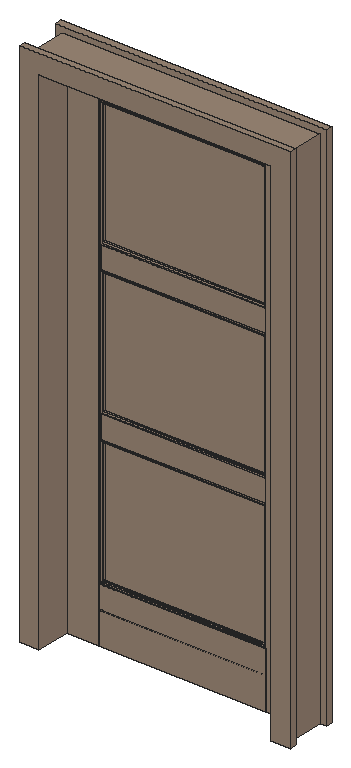
Revit family "Door-Exterior-Simpson-Traditional-Horizontal_Divides", category Doors, host Wall, Revit 2012
Parameters (values of type "SEE CATALOG")
  Wood Species Note = "Available in Any Wood Species"
  Wood Species = "http://simpsondoor.com/e-catalog/#10"
  WaterBarrier with UltraBlock Technology = no
  WaterBarrier Note = "This Door Comes with The Option of WaterBarrier with UltraBlock Technology. It is Turn Off as a Default"
  UltraBlock Option = yes
  UltraBlock Note = "This Door Comes with The Option of UltraBlock Technology. It is Turn On as a Default"
  URL = "http://www.simpsondoor.com/"
  Top Rail Height = 3 15/16"
  Thickness = 1 3/4"  # constant formula
  Rough Width = Width - (Frame Width * 2)  # 30"
  Rough Height = Height - Frame Width  # 77"
  Product Page URL = "http://www.simpsondoor.com/door-products/exterior/traditional-doors/"
  Product Documentation Link = "http://www.simpsondoor.com/technical-information/detail-drawings/6000/S-6170-102-608.5-0700.pdf"
  Panel Thickness = 3/4"
  Panel Stile Width = 5"
  Panel = Wood - Simpson Doors - Douglas Fir
  Number of Horizontal Divides = 2
  Model = "6173"
  Manufacturer = "Simpson Door Company"  # constant formula
  Horizontal Divider Width = 3 1/2"
  Height = 80"
  Function = 1
  Frame Width = 3"
  Frame = Wood - Simpson Doors - Douglas Fir
  Description = "Door"
  Default Sill Height = 0"  # constant formula
  Wall Closure = (empty or 0)
  Width = 36"
  Bottom Rail Height = 8 11/16"
  Assembly Code = "B2030230"
Values of the unnamed type that differ from the named types
  Function = Exterior
  Wall Closure = By host
Reference planes (in)
  plane 1 "Center (Front/Back)": y = 0
  plane 2: z = 0
  plane 3 "Center (Left/Right)": x = 0
  plane 4 "Left": x = -18
  plane 5 "Right": x = 18
  plane 6 "Sill": z = 0
  plane 7 "Top": z = 80
Lines and regions (in)
  Opening 1
    outline origin (-60, -3, 0) x (1, 0, 0) y (0, 0, 1)
      loop
        line (42, 80) -> (42, 0) -> (78, 0) -> (78, 80) -> (42, 80)
Text (in)
  text "EXTERIOR" at (-58.6888, 50.90694, 0), in view "Ref. Level"
  text "INTERIOR" at (-58.6888, -37.76638, 0), in view "Ref. Level"
  text "Exterior" at (0, 43.65631, 123.19604), in view "Left"
  text "Exterior" at (0, 18.29385, 125.04747), in view "Right"
Dimensions and locks (in)
  equal spacing: plane 4 "Left", plane 3 "Center (Left/Right)", plane 5 "Right"
  "Width": plane 4 "Left" to plane 5 "Right"
  "Height": plane 6 "Sill" to plane 7 "Top"
  "Default Sill Height": plane 2 to plane 6 "Sill"
  aligned and locked: plane 7 "Top" to Opening 1 sketch curve
  aligned and locked: plane 6 "Sill" to Opening 1 sketch curve  (x2)
  aligned and locked: plane 5 "Right" to Opening 1 sketch curve
  aligned and locked: plane 4 "Left" to Opening 1 sketch curve
  aligned and locked: level to plane 2
  aligned and locked: plane 3 "Center (Left/Right)" to nested 1
  aligned and locked: nested 2 to plane 4 "Left"
  aligned and locked: nested 3 to plane 3 "Center (Left/Right)"
  aligned and locked: host wall to nested 1
  aligned and locked: nested 4 to nested 1
  aligned and locked: nested 1 to nested 1
  aligned and locked: plane 6 "Sill" to nested 3
Nested families (in)
  nested 1: "Traditional-Door_Edge" at (0, 2.125, 0), type "Panel"
  nested 2: "Single Swing Door" at (0, 0, 0) x (-1, 0, 0) z (0, 0, 1), type "Swing"
    with Side Offset 5"
  nested 3: "Frame" at (0, 0, 0) x (-1, 0, 0) z (0, 0, 1), type "Standard"
    with Rough Height 82", Function 1, Height 80"
  nested 4: "Traditional-Panel_w_Horizontal_Divides" at (0, 2.125, 0), type "Panel"
Definition of nested family "Traditional-Door_Edge"
  Parameters (values of type "Panel")
    Width = 36"
    Top Offset = 3 15/16"
    Thickness = 1 3/4"
    Side Offset = 5"
    Panel Material = Wood - Simpson Doors - Douglas Fir
    Height = 80"
    Bottom Offset = 8 11/16"
  Reference planes (in)
    plane 1 "Center (Front/Back)": y = 0
    plane 2 "Bottom": z = 0
    plane 3 "Center (Left/Right)": x = 0
    plane 4: x = -18
    plane 5: y = 0.875
    plane 6: x = 18
    plane 7: y = -0.875
    plane 8: z = 80
    plane 9: x = 13
    plane 10: x = -13
    plane 11: z = 76.0625
    plane 12: y = -0.375
    plane 13: y = 0.375
    plane 14: z = 8.6875
  Forms (in)
    Extrusion 1, solid, material "Wood - Simpson Doors - Douglas Fir" <- "Panel Material"
      sketch origin (0, 0, 0) x (1, 0, 0) y (0, 0, 1)
        loop
          line (-18, 80) -> (-18, 0) -> (-13, 0) -> (-13, 80) -> (-18, 80)
        loop
          line (18, 80) -> (13, 80) -> (13, 0) -> (18, 0) -> (18, 80)
      from -0.875 to 0.875
    Extrusion 2, solid, material "Wood - Simpson Doors - Douglas Fir" <- "Panel Material"
      sketch origin (0, -0.875, 0) x (1, 0, 0) y (0, 0, 1)
        loop
          line (-13, 80) -> (-13, 76.0625) -> (13, 76.0625) -> (13, 80) -> (-13, 80)
        loop
          line (-13, 8.6875) -> (-13, 0) -> (13, 0) -> (13, 8.6875) -> (-13, 8.6875)
      from -1.75 to 0
  Dimensions and locks (in)
    equal spacing: plane 5, plane 1 "Center (Front/Back)", plane 7
    equal spacing: plane 4, plane 3 "Center (Left/Right)", plane 6
    "Width": plane 4 to plane 6
    "Thickness": plane 5 to plane 7
    "Height": plane 8 to level
    "Side Offset": plane 10 to plane 4
    "Top Offset": plane 8 to plane 11
    equal spacing: plane 13, plane 1 "Center (Front/Back)", plane 12
    plane 13 to plane 12 = 3/4"
    "Bottom Offset": plane 14 to plane 2 "Bottom"
    "Side Offset": plane 6 to plane 9
    aligned and locked: plane 2 "Bottom" to level
    aligned and locked: Extrusion 1 sketch curve to plane 4
    aligned and locked: Extrusion 1 sketch curve to plane 6
    aligned and locked: Extrusion 1 sketch curve to level  (x2)
    aligned and locked: Extrusion 1 sketch curve to plane 8  (x2)
    aligned and locked: plane 5 to Extrusion 1
    aligned and locked: Extrusion 1 to plane 7
    aligned and locked: Extrusion 1 to plane 9
    aligned and locked: Extrusion 2 sketch curve to Extrusion 1  (x2)
    aligned and locked: Extrusion 1 to Extrusion 2 sketch curve  (x2)
    aligned and locked: plane 11 to Extrusion 2 sketch curve
    aligned and locked: Extrusion 2 sketch curve to plane 9
    aligned and locked: Extrusion 2 sketch curve to plane 14
    aligned and locked: plane 10 to Extrusion 2 sketch curve
    aligned and locked: plane 5 to Extrusion 2
    aligned and locked: Extrusion 2 to plane 7
  Automatic sketch dimensions
    Extrusion 1 sketch curve to plane 10 = 0"
    Extrusion 1 sketch curve to plane 9 = 0"
Definition of nested family "Frame"
  Parameters (values of type "Standard")
    Rough Width = Width + 4"  # 40"
    Rough Height = Height + 2"  # 86"
    Function = (empty or 0)
    Frame Projection Ext. = 1"
    Frame Projection Int. = Frame Projection Ext.  # 1"
    Frame Width = 3"
    Height = 84"
    Wall Closure = (empty or 0)
    Width = 36"
    Frame = none
  Reference planes (in)
    plane 1 "Center (Front/Back)": y = 0
    plane 2 "Center (Left/Right)": x = 0
    plane 3 "Left": x = -18
    plane 4 "Right": x = 18
    plane 5 "Top": z = 84
    plane 6 "Exterior": y = 3
    plane 7 "Interior": y = -3
    plane 8: x = -21
    plane 9: x = 21
    plane 10: x = -20
    plane 11: x = 20
    plane 12: z = 86
    plane 13 "Bottom": z = 0
  Forms (in)
    Extrusion 1, solid, material <- "Frame"
      sketch origin (-90, 3, 0) x (-1, 0, 0) y (0, 0, 1)
        loop
          line (-108, 84) -> (-72, 84) -> (-72, 0) -> (-69, 0) -> (-69, 87) -> (-111, 87) -> (-111, 0) -> (-108, 0) -> (-108, 84)
      from 0 to 1
    Extrusion 2, solid, material <- "Frame"
      sketch origin (-90, -3, 0) x (1, 0, 0) y (0, 0, 1)
        loop
          line (72, 0) -> (72, 84) -> (108, 84) -> (108, 0) -> (111, 0) -> (111, 87) -> (69, 87) -> (69, 0) -> (72, 0)
      from 0 to 1
    Sweep 3, solid, material <- "Frame"
      path in 3D
        loop
          line (18, 4, 0) -> (18, 4, 84) -> (-18, 4, 84) -> (-18, 4, 0)
      profile origin (-18, 4, 42) x (1, 0, 0) y (0, 1, 0)
        loop
          line (0, -7) -> (0, -1) -> (-2, -1) -> (-2, -7) -> (0, -7)
  Cuts and joins
    joined: Extrusion 1, Extrusion 2, Sweep 3
  Lines and regions (in)
    Opening 1
      outline origin (-90, -3, 0) x (1, 0, 0) y (0, 0, 1)
        loop
          line (70, 0) -> (110, 0) -> (110, 86) -> (70, 86) -> (70, 0)
    Masking region 1, detail levels medium+fine
      outline origin (0, 0, 0) x (1, 0, 0) y (0, 1, 0)
        loop
          line (-18, 4) -> (-21, 4) -> (-21, 3) -> (-20, 3) -> (-20, -3) -> (-21, -3) -> (-21, -4) -> (-18, -4) -> (-18, 4)
        loop
          line (21, 4) -> (18, 4) -> (18, -4) -> (21, -4) -> (21, -3) -> (20, -3) -> (20, 3) -> (21, 3) -> (21, 4)
    Masking region 2, detail levels coarse
      outline origin (0, 0, 0) x (1, 0, 0) y (0, 1, 0)
        loop
          line (-18, 3) -> (-20, 3) -> (-20, -3) -> (-18, -3) -> (-18, 3)
        loop
          line (20, 3) -> (18, 3) -> (18, -3) -> (20, -3) -> (20, 3)
    sketch lines
      curve 1: line (-18, 4, 84) -> (-18, 4, 0)
      curve 2: line (18, 4, 84) -> (-18, 4, 84)
      curve 3: line (18, 4, 0) -> (18, 4, 84)
  Text (in)
    text "Exterior" at (-74.96733, 27.31104, 0), in view "Ref. Level"
    text "Interior" at (-74.96733, -25.14366, 0), in view "Ref. Level"
    text "Exterior" at (0, 40.15149, 123.01588), in view "Right"
    text "Interior" at (0, -64.39139, 123.01588), in view "Right"
    text "Interior" at (0, -31.01599, 123.00693), in view "Left"
    text "Exterior" at (0, 54.57065, 123.00693), in view "Left"
  Dimensions and locks (in)
    equal spacing: plane 3 "Left", plane 2 "Center (Left/Right)", plane 4 "Right"
    "Height": level to plane 5 "Top"
    "Frame Width": Extrusion 2 sketch curve to plane 3 "Left"
    "Frame Width": Extrusion 2 sketch curve to plane 4 "Right"
    "Frame Width": Extrusion 2 sketch curve to plane 5 "Top"
    "Frame Width": Extrusion 1 sketch curve to Extrusion 1 sketch curve  (x2)
    "Frame Width": Extrusion 1 sketch curve to plane 5 "Top"
    host wall to plane 5 "Top" = 84"
    "Frame Projection Int.": Extrusion 2 to host wall
    "Frame Projection Ext.": Extrusion 1 to host wall
    "Width": plane 3 "Left" to plane 4 "Right"
    "Frame Width": plane 8 to plane 3 "Left"
    "Frame Width": plane 4 "Right" to plane 9
    equal spacing: plane 10, plane 2 "Center (Left/Right)", plane 11
    "Rough Width": plane 10 to plane 11
    "Rough Height": level to plane 12
    aligned and locked: Opening 1 sketch curve to level
    aligned and locked: plane 5 "Top" to Extrusion 1 sketch curve  (x2)
    aligned and locked: plane 3 "Left" to Extrusion 1 sketch curve
    aligned and locked: Extrusion 1 sketch curve to plane 3 "Left"
    aligned and locked: level to Extrusion 1 sketch curve
    aligned and locked: plane 4 "Right" to Extrusion 1 sketch curve
    aligned and locked: Extrusion 1 to host wall
    aligned and locked: plane 3 "Left" to Extrusion 2 sketch curve
    aligned and locked: plane 5 "Top" to Extrusion 2 sketch curve  (x2)
    aligned and locked: plane 4 "Right" to Extrusion 2 sketch curve  (x2)
    aligned and locked: level to Extrusion 2 sketch curve
    aligned and locked: Extrusion 2 sketch curve to level
    aligned and locked: Extrusion 2 to host wall
    aligned and locked: plane 6 "Exterior" to host wall
    aligned and locked: plane 7 "Interior" to host wall
    aligned and locked: Opening 1 sketch curve to plane 11
    aligned and locked: plane 10 to Opening 1 sketch curve
    aligned and locked: Opening 1 sketch curve to plane 12
    aligned and locked: Sweep 3 sketch curve to plane 7 "Interior"
    aligned and locked: plane 13 "Bottom" to level
    aligned and locked: cut or joined group of Extrusion 1, Extrusion 2, Sweep 3 to Masking region 1 sketch curve  (x2)
    aligned and locked: Masking region 1 sketch curve to plane 3 "Left"
    aligned and locked: Masking region 1 sketch curve to plane 8  (x2)
    aligned and locked: Masking region 1 sketch curve to cut or joined group of Extrusion 1, Extrusion 2, Sweep 3  (x2)
    aligned and locked: Masking region 1 sketch curve to plane 7 "Interior"  (x2)
    aligned and locked: Masking region 1 sketch curve to plane 10
    aligned and locked: Masking region 1 sketch curve to plane 6 "Exterior"  (x2)
    aligned and locked: Masking region 1 sketch curve to plane 4 "Right"
    aligned and locked: plane 9 to Masking region 1 sketch curve  (x2)
    aligned and locked: plane 11 to Masking region 1 sketch curve
    aligned and locked: Masking region 2 sketch curve to plane 6 "Exterior"  (x2)
    aligned and locked: Masking region 2 sketch curve to plane 7 "Interior"  (x2)
    aligned and locked: Masking region 2 sketch curve to plane 3 "Left"
    aligned and locked: Masking region 2 sketch curve to plane 10
    aligned and locked: Masking region 2 sketch curve to plane 4 "Right"
    aligned and locked: plane 11 to Masking region 2 sketch curve
  Automatic sketch dimensions
    Extrusion 1 sketch curve to level = 0"
    Extrusion 2 sketch curve to level = 0"
    profile plane to Sweep 3 sketch curve = 1"
    profile plane to Sweep 3 sketch curve = 0"
    Sweep 3 sketch curve to profile plane = 2"
Definition of nested family "Traditional-Panel_w_Horizontal_Divides"
  Parameters (values of type "Panel")
    Width = 36"
    Thickness = 1 3/4"
    Panel Width = Width - (Stile Width * 2)  # 26"
    Insert Thickness = 3/4"
    Number of Horizontal Divides = 2
    Height = 80"
    Divide Width = 3 1/2"
    Divide Thickness = Thickness - (13/128" * 2)  # 1 35/64"
    Top Rail Height = 3 15/16"
    Stile Width = 5"
    Panel Material = Wood - Simpson Doors - Douglas Fir
    Insert Height = Height - Top Rail Height - Bottom Rail Height  # 67 3/8"
    Bottom Rail Height = 8 11/16"
    # of Horizontal Divides = Number of Horizontal Divides + 2  # 4
  Reference planes (in)
    plane 1 "Center (Front/Back)": y = 0
    plane 2 "Bottom": z = 0
    plane 3 "Center (Left/Right)": x = 0
    plane 4: x = -18
    plane 5: y = 0.875
    plane 6: x = 18
    plane 7: y = -0.875
    plane 8: z = 80
    plane 9: x = 13
    plane 10: x = -13
    plane 11: z = 76.0625
    plane 12: y = -0.375
    plane 13: y = 0.375
    plane 14: z = 8.6875
  Forms (in)
    Extrusion 1, solid, material "Wood - Simpson Doors - Douglas Fir" <- "Panel Material"
      sketch origin (0, 0, 0) x (1, 0, 0) y (0, 0, 1)
        loop
          line (-13, 76.0625) -> (-13, 8.6875) -> (13, 8.6875) -> (13, 76.0625) -> (-13, 76.0625)
      from -0.375 to 0.375
    Sweep 2, solid, material "Wood - Simpson Doors - Douglas Fir" <- "Panel Material", detail levels medium+fine
      path origin (-50.72999, 0.375, 48) x (-1, 0, 0) y (0, 0, 1)
        loop
          line (-37.72999, 28.0625) -> (-63.72999, 28.0625) -> (-63.72999, -39.3125) -> (-37.72999, -39.3125) -> (-37.72999, 28.0625)
      profile "Traditional-Edge_Detail : Edge" origin (0, 0.375, 76.0625) x (0, 0, 1) y (0, -1, 0)
        loop
          line (-0.5, 0) -> (-0.49011, -0.11305)
          arc (-0.49011, -0.11305) -> (-0.46951, -0.15878) -> (-0.42492, -0.18175) r 0.07606
          line (-0.42492, -0.18175) -> (-0.37471, -0.1888)
          arc (-0.37471, -0.1888) -> (-0.33618, -0.30741) -> (-0.22747, -0.3685) r 0.17139
          line (-0.22747, -0.3685) -> (0, -0.40047) -> (0, 0) -> (-0.5, 0)
    Sweep 3, solid, material "Wood - Simpson Doors - Douglas Fir" <- "Panel Material", detail levels medium+fine
      path origin (-50.72999, -0.375, 48) x (-1, 0, 0) y (0, 0, 1)
        loop
          line (-37.72999, 28.0625) -> (-63.72999, 28.0625) -> (-63.72999, -39.3125) -> (-37.72999, -39.3125) -> (-37.72999, 28.0625)
      profile "Traditional-Edge_Detail : Edge" origin (0, -0.375, 76.0625) x (0, 0, -1) y (0, 1, 0)
        loop
          line (0.5, 0) -> (0, 0) -> (0, -0.40047) -> (0.22747, -0.3685)
          arc (0.22747, -0.3685) -> (0.33618, -0.30741) -> (0.37471, -0.1888) r 0.17139
          line (0.37471, -0.1888) -> (0.42492, -0.18175)
          arc (0.42492, -0.18175) -> (0.46951, -0.15878) -> (0.49011, -0.11305) r 0.07606
          line (0.49011, -0.11305) -> (0.5, 0)
  Dimensions and locks (in)
    equal spacing: plane 5, plane 1 "Center (Front/Back)", plane 7
    equal spacing: plane 4, plane 3 "Center (Left/Right)", plane 6
    "Width": plane 4 to plane 6
    "Thickness": plane 5 to plane 7
    "Height": plane 8 to level
    "Stile Width": plane 10 to plane 4
    "Top Rail Height": plane 8 to plane 11
    "Panel Width": plane 9 to plane 10
    equal spacing: plane 13, plane 1 "Center (Front/Back)", plane 12
    "Insert Thickness": plane 13 to plane 12
    "Bottom Rail Height": plane 14 to plane 2 "Bottom"
    equal spacing: group 1, group 3, group 4, group 2  (x3)
    aligned and locked: plane 2 "Bottom" to level
    aligned and locked: Extrusion 1 sketch curve to plane 11
    aligned and locked: Extrusion 1 to plane 9
    aligned and locked: Extrusion 1 to plane 12
    aligned and locked: Extrusion 1 to plane 13
    aligned and locked: nested 1 to plane 10
    aligned and locked: plane 1 "Center (Front/Back)" to nested 1
    aligned and locked: Sweep 2 sketch curve to Extrusion 1  (x2)
    aligned and locked: Sweep 2 sketch curve to plane 11
    aligned and locked: plane 14 to nested 1
    aligned and locked: plane 11 to Extrusion 1
    aligned and locked: nested 2 to plane 11
  Automatic sketch dimensions
    Extrusion 1 sketch curve to plane 10 = 0"
    Extrusion 1 sketch curve to plane 9 = 0"
    Extrusion 1 sketch curve to plane 14 = 0"
    Sweep 2 sketch curve to plane 10 = 0"
    Sweep 3 sketch curve to plane 9 = 0"
    Sweep 3 sketch curve to plane 10 = 0"
    Sweep 3 sketch curve to plane 14 = 0"
    Sweep 3 sketch curve to plane 11 = 0"
  Nested families (in)
    nested 1: "Traditional-Panel_Divide" at (0, 0, 6.9375) x (0, 0, 1) z (0, -1, 0), type "Horizontal"
      with Divide Width 3 1/2"
    nested 2: "Traditional-Panel_Divide" at (0, 0, 77.8125) x (0, 0, 1) z (0, -1, 0), type "Horizontal"
      with Divide Width 3 1/2"
    nested 3: "Traditional-Panel_Divide" at (0, 0, 30.5625) x (0, 0, 1) z (0, -1, 0), type "Horizontal"
      with Divide Width 3 1/2"
    nested 4: "Traditional-Panel_Divide" at (0, 0, 54.1875) x (0, 0, 1) z (0, -1, 0), type "Horizontal"
      with Divide Width 3 1/2"
  Definition of nested family "Traditional-Panel_Divide"
    Parameters (values of type "Traditional-Panel_Divide")
      Panel Finish = Wood - Simpson Doors - Douglas Fir
      Panel Thickness = 1 35/64"
      Divide Width = 3 1/2"
      Divide Height = 39 5/16"
      Default Elevation = 48"
    Types (3): name | Divide Width | Divide Height
      Traditional-Panel_Divide | 3 1/2" | 39 5/16"
      Horizontal | 6 1/2" | 26"
      Vertical | 3 1/2" | 67 3/8"
    Reference planes (in)
      plane 1 "Center (Front/Back)": y = 0
      plane 2: z = 0
      plane 3 "Center (Left/Right)": x = 0
      plane 4: y = 19.65625
      plane 5: y = -19.65625
      plane 6: x = -1.75
      plane 7: x = 1.75
      plane 8: z = 0.77344
      plane 9: z = -0.77344
    Forms (in)
      Extrusion 1, solid
        sketch origin (0, 0, 0) x (1, 0, 0) y (0, 1, 0)
          loop
            line (-48, 48) -> (-48, -48) -> (48, -48) -> (48, 48) -> (-48, 48)
        from 0 to -12
      Extrusion 2, solid, material "Wood - Simpson Doors - Douglas Fir" <- "Panel Finish"
        sketch origin (0, 0, 0) x (1, 0, 0) y (0, 1, 0)
          loop
            line (-1.75, 19.65625) -> (-1.75, -19.65625) -> (1.75, -19.65625) -> (1.75, 19.65625) -> (-1.75, 19.65625)
        from -0.77344 to 0.77344
      Sweep 3, solid, material "Wood - Simpson Doors - Douglas Fir" <- "Panel Finish", detail levels medium+fine
        path origin (0, 0, 0.62297) x (1, 0, 0) y (0, 1, 0)
          loop
            line (-1.75, 19.65625) -> (-1.75, -19.65625)
        profile "Craftsman-Edge_Detail : Edge" origin (-1.75, 0, 0.62297) x (1, 0, 0) y (0, 0, 1)
          loop
            line (-0.5, -0.25) -> (0, -0.25) -> (0, 0.15047) -> (-0.22747, 0.1185)
            arc (-0.22747, 0.1185) -> (-0.33618, 0.05741) -> (-0.37471, -0.0612) r 0.17139
            line (-0.37471, -0.0612) -> (-0.42492, -0.06825)
            arc (-0.42492, -0.06825) -> (-0.46951, -0.09122) -> (-0.49011, -0.13695) r 0.07606
            line (-0.49011, -0.13695) -> (-0.5, -0.25)
      Sweep 4, solid, material "Wood - Simpson Doors - Douglas Fir" <- "Panel Finish", detail levels medium+fine
        path origin (0, 0, 0.62297) x (-1, 0, 0) y (0, -1, 0)
          loop
            line (-1.75, -19.65625) -> (-1.75, 19.65625)
        profile "Craftsman-Edge_Detail : Edge" origin (1.75, 0, 0.62297) x (1, 0, 0) y (0, 0, 1)
          loop
            line (0.5, -0.25) -> (0.49011, -0.13695)
            arc (0.49011, -0.13695) -> (0.46951, -0.09122) -> (0.42492, -0.06825) r 0.07606
            line (0.42492, -0.06825) -> (0.37471, -0.0612)
            arc (0.37471, -0.0612) -> (0.33618, 0.05741) -> (0.22747, 0.1185) r 0.17139
            line (0.22747, 0.1185) -> (0, 0.15047) -> (0, -0.25) -> (0.5, -0.25)
      Sweep 5, solid, material "Wood - Simpson Doors - Douglas Fir" <- "Panel Finish", detail levels medium+fine
        path origin (0, 0, -0.62297) x (0, -1, 0) y (1, 0, 0)
          loop
            line (-19.65625, -1.75) -> (19.65625, -1.75)
        profile "Craftsman-Edge_Detail : Edge" origin (-1.75, 0, -0.62297) x (1, 0, 0) y (0, 0, 1)
          loop
            line (-0.5, 0.25) -> (-0.49011, 0.13695)
            arc (-0.49011, 0.13695) -> (-0.46951, 0.09122) -> (-0.42492, 0.06825) r 0.07606
            line (-0.42492, 0.06825) -> (-0.37471, 0.0612)
            arc (-0.37471, 0.0612) -> (-0.33618, -0.05741) -> (-0.22747, -0.1185) r 0.17139
            line (-0.22747, -0.1185) -> (0, -0.15047) -> (0, 0.25) -> (-0.5, 0.25)
      Sweep 6, solid, material "Wood - Simpson Doors - Douglas Fir" <- "Panel Finish", detail levels medium+fine
        path origin (0, 0, -0.62297) x (0, 1, 0) y (-1, 0, 0)
          loop
            line (19.65625, -1.75) -> (-19.65625, -1.75)
        profile "Craftsman-Edge_Detail : Edge" origin (1.75, 0, -0.62297) x (1, 0, 0) y (0, 0, 1)
          loop
            line (0.5, 0.25) -> (0, 0.25) -> (0, -0.15047) -> (0.22747, -0.1185)
            arc (0.22747, -0.1185) -> (0.33618, -0.05741) -> (0.37471, 0.0612) r 0.17139
            line (0.37471, 0.0612) -> (0.42492, 0.06825)
            arc (0.42492, 0.06825) -> (0.46951, 0.09122) -> (0.49011, 0.13695) r 0.07606
            line (0.49011, 0.13695) -> (0.5, 0.25)
    Dimensions and locks (in)
      equal spacing: plane 6, plane 3 "Center (Left/Right)", plane 7
      "Divide Width": plane 6 to plane 7
      "Divide Height": plane 4 to plane 5
      equal spacing: plane 4, plane 1 "Center (Front/Back)", plane 5
      "Panel Thickness": plane 8 to plane 9
      equal spacing: plane 8, level, plane 9
      aligned and locked: plane 2 to Extrusion 1
      aligned and locked: level to Extrusion 1
      aligned and locked: Extrusion 2 sketch curve to plane 4
      aligned and locked: plane 6 to Extrusion 2 sketch curve
      aligned and locked: plane 5 to Extrusion 2 sketch curve
      aligned and locked: Extrusion 2 sketch curve to plane 7
      aligned and locked: plane 8 to Extrusion 2
      aligned and locked: Extrusion 2 to plane 9
      aligned and locked: Sweep 4 sketch curve to plane 7
      aligned and locked: plane 4 to Sweep 4 sketch curve
      aligned and locked: plane 5 to Sweep 4 sketch curve
      aligned and locked: Sweep 5 sketch curve to plane 6
      aligned and locked: plane 4 to Sweep 5 sketch curve
      aligned and locked: plane 5 to Sweep 5 sketch curve
      aligned and locked: Sweep 6 sketch curve to plane 7
      aligned and locked: plane 4 to Sweep 6 sketch curve
      aligned and locked: plane 5 to Sweep 6 sketch curve
    Automatic sketch dimensions
      Extrusion 1 sketch curve to Extrusion 1 sketch curve = 96"  (x2)
      Sweep 3 sketch curve to plane 5 = 0"
      Sweep 3 sketch curve to plane 6 = 0"
      Sweep 3 sketch curve to plane 4 = 0"
Definition of nested family "Single Swing Door"
  Parameters (values of type "Swing")
    Width = 36"
    Thickness = 1 3/4"
    Side Offset = 8"
    Height = 80"
    Frame Projection Ext. = 1"
    Frame Projection Int. = 1"
    Frame Width = 3"
    Wall Closure = (empty or 0)
  Reference planes (in)
    plane 1 "Center (Front/Back)": y = 0
    plane 2 "Center (Left/Right)": x = 0
    plane 3 "Left": x = -18
    plane 4 "Right": x = 18
    plane 5 "Top": z = 80
    plane 6 "Exterior": y = 3
    plane 7 "Interior": y = -3
    plane 8 "Outside Interior": y = -4
  Lines and regions (in)
    symbolic lines, style "DoorsPanelProjection"
      curve 1: line (18, -3, 0) -> (18, -39, 0)
      curve 2: line (18, -39, 0) -> (16.25, -39, 0)
      curve 3: line (16.25, -39, 0) -> (16.25, -3, 0)
    symbolic lines
      curve 4: line (16.25, -3, 0) -> (18, -3, 0)
    symbolic lines, style "Plan Swing"
      curve 5: arc (18, -39, 0) -> (-7.45584, -28.45584, 0) -> (-18, -3, 0) r 36
    symbolic lines, style "Elevation Swing"
      curve 6: line (18, 3, 40) -> (-18, 3, 80)
      curve 7: line (-18, 3, 0) -> (18, 3, 40)
      curve 8: line (18, -4, 40) -> (-18, -4, 80)
      curve 9: line (-18, -4, 0) -> (18, -4, 40)
    symbolic lines, style "DoorsGlassProjection", detail levels medium+fine
      curve 10: line (16.25, -31, 0) -> (18, -31, 0)
      curve 11: line (16.25, -11, 0) -> (18, -11, 0)
      curve 12: line (17.125, -11, 0) -> (17.125, -31, 0)
  Text (in)
    text "Exterior" at (-74.96733, 27.31104, 0), in view "Ref. Level"
    text "Interior" at (-74.96733, -25.14366, 0), in view "Ref. Level"
    text "Exterior" at (0, 40.15149, 123.01588), in view "Right"
    text "Interior" at (0, -64.39139, 123.01588), in view "Right"
    text "Interior" at (0, -31.01599, 123.00693), in view "Left"
    text "Exterior" at (0, 54.57065, 123.00693), in view "Left"
  Dimensions and locks (in)
    equal spacing: plane 3 "Left", plane 2 "Center (Left/Right)", plane 4 "Right"
    "Height": level to plane 5 "Top"
    "Width": plane 3 "Left" to plane 4 "Right"
    equal spacing: host wall, curve 7, plane 5 "Top"
    "Width": curve 2 to plane 7 "Interior"
    "Thickness": curve 3 to curve 1
    equal spacing: plane 5 "Top", curve 9, level
    locked: plane 8 "Outside Interior" to plane 7 "Interior" at 1
    "Side Offset": curve 10 to curve 2
    "Side Offset": curve 11 to host wall
    aligned and locked: plane 6 "Exterior" to host wall
    aligned and locked: plane 7 "Interior" to host wall
    aligned and locked: plane 7 "Interior" to curve 4
    aligned and locked: plane 7 "Interior" to curve 5
    aligned and locked: plane 4 "Right" to curve 5
    aligned and locked: plane 4 "Right" to curve 6
    aligned and locked: plane 3 "Left" to curve 6
    aligned and locked: plane 5 "Top" to curve 6
    aligned and locked: level to curve 7
    aligned and locked: plane 3 "Left" to curve 7
    aligned and locked: curve 11 to curve 12
    aligned and locked: curve 10 to curve 12
    aligned and locked: curve 3 to curve 11
    aligned and locked: curve 1 to curve 11
  Automatic sketch dimensions
    curve 9 to level = 0"
    plane 3 "Left" to curve 8 = 0"
    curve 8 to plane 5 "Top" = 0"
    plane 4 "Right" to curve 9 = 0"
    plane 3 "Left" to curve 9 = 0"
    curve 10 to curve 12 = 7/8"
Types in the file's own list only (216): name | Top Rail Height | Rough Width | Rough Height | Product Documentation Link | Panel Thickness | Panel Stile Width | Number of Horizontal Divides | Model | Height | Function | Description | Wall Closure | Width | Bottom Rail Height
  30 Traditional 12x80 | 4 1/16" | 6" | 77" | "http://www.simpsondoor.com/door-products/search/detail/?BaseSpecificationID=2333" | 5/8" | 4 1/8" | 2 | "30" | 80" | Exterior | "Traditional - Three Panel" | By host | 12" | 8 13/16"
  30 Traditional 12x84 | 6 1/16" | 6" | 81" | "http://www.simpsondoor.com/door-products/search/detail/?BaseSpecificationID=2333" | 5/8" | 4 1/8" | 2 | "30" | 84" | Exterior | "Traditional - Three Panel" | By host | 12" | 10 13/16"
  30 Traditional 12x96 | 4 1/16" | 6" | 93" | "http://www.simpsondoor.com/door-products/search/detail/?BaseSpecificationID=2333" | 5/8" | 4 1/8" | 2 | "30" | 96" | Exterior | "Traditional - Three Panel" | By host | 12" | 8 13/16"
  30 Traditional 22x80 | 4 1/16" | 16" | 77" | "http://www.simpsondoor.com/door-products/search/detail/?BaseSpecificationID=2333" | 5/8" | 4 1/8" | 2 | "30" | 80" | Exterior | "Traditional - Three Panel" | By host | 22" | 8 13/16"
  30 Traditional 22x84 | 6 1/16" | 16" | 81" | "http://www.simpsondoor.com/door-products/search/detail/?BaseSpecificationID=2333" | 5/8" | 4 1/8" | 2 | "30" | 84" | Exterior | "Traditional - Three Panel" | By host | 22" | 10 13/16"
  30 Traditional 22x96 | 4 1/16" | 16" | 93" | "http://www.simpsondoor.com/door-products/search/detail/?BaseSpecificationID=2333" | 5/8" | 4 1/8" | 2 | "30" | 96" | Exterior | "Traditional - Three Panel" | By host | 22" | 8 13/16"
  30 Traditional 24x80 | 4 1/16" | 18" | 77" | "http://www.simpsondoor.com/door-products/search/detail/?BaseSpecificationID=2333" | 5/8" | 4 1/8" | 2 | "30" | 80" | Exterior | "Traditional - Three Panel" | By host | 24" | 8 13/16"
  30 Traditional 24x84 | 6 1/16" | 18" | 81" | "http://www.simpsondoor.com/door-products/search/detail/?BaseSpecificationID=2333" | 5/8" | 4 1/8" | 2 | "30" | 84" | Exterior | "Traditional - Three Panel" | By host | 24" | 10 13/16"
  30 Traditional 24x96 | 4 1/16" | 18" | 93" | "http://www.simpsondoor.com/door-products/search/detail/?BaseSpecificationID=2333" | 5/8" | 4 1/8" | 2 | "30" | 96" | Exterior | "Traditional - Three Panel" | By host | 24" | 8 13/16"
  30 Traditional 26x80 | 4 1/16" | 20" | 77" | "http://www.simpsondoor.com/door-products/search/detail/?BaseSpecificationID=2333" | 5/8" | 4 1/8" | 2 | "30" | 80" | Exterior | "Traditional - Three Panel" | By host | 26" | 8 13/16"
  30 Traditional 26x84 | 6 1/16" | 20" | 81" | "http://www.simpsondoor.com/door-products/search/detail/?BaseSpecificationID=2333" | 5/8" | 4 1/8" | 2 | "30" | 84" | Exterior | "Traditional - Three Panel" | By host | 26" | 10 13/16"
  30 Traditional 26x96 | 4 1/16" | 20" | 93" | "http://www.simpsondoor.com/door-products/search/detail/?BaseSpecificationID=2333" | 5/8" | 4 1/8" | 2 | "30" | 96" | Exterior | "Traditional - Three Panel" | By host | 26" | 8 13/16"
  30 Traditional 28x80 | 4 1/16" | 22" | 77" | "http://www.simpsondoor.com/door-products/search/detail/?BaseSpecificationID=2333" | 5/8" | 4 1/8" | 2 | "30" | 80" | Exterior | "Traditional - Three Panel" | By host | 28" | 8 13/16"
  30 Traditional 28x84 | 6 1/16" | 22" | 81" | "http://www.simpsondoor.com/door-products/search/detail/?BaseSpecificationID=2333" | 5/8" | 4 1/8" | 2 | "30" | 84" | Exterior | "Traditional - Three Panel" | By host | 28" | 10 13/16"
  30 Traditional 28x96 | 4 1/16" | 22" | 93" | "http://www.simpsondoor.com/door-products/search/detail/?BaseSpecificationID=2333" | 5/8" | 4 1/8" | 2 | "30" | 96" | Exterior | "Traditional - Three Panel" | By host | 28" | 8 13/16"
  30 Traditional 30x80 | 4 1/16" | 24" | 77" | "http://www.simpsondoor.com/door-products/search/detail/?BaseSpecificationID=2333" | 5/8" | 4 1/8" | 2 | "30" | 80" | Exterior | "Traditional - Three Panel" | By host | 30" | 8 13/16"
  30 Traditional 30x84 | 6 1/16" | 24" | 81" | "http://www.simpsondoor.com/door-products/search/detail/?BaseSpecificationID=2333" | 5/8" | 4 1/8" | 2 | "30" | 84" | Exterior | "Traditional - Three Panel" | By host | 30" | 10 13/16"
  30 Traditional 30x96 | 4 1/16" | 24" | 93" | "http://www.simpsondoor.com/door-products/search/detail/?BaseSpecificationID=2333" | 5/8" | 4 1/8" | 2 | "30" | 96" | Exterior | "Traditional - Three Panel" | By host | 30" | 8 13/16"
  30 Traditional 32x80 | 4 1/16" | 26" | 77" | "http://www.simpsondoor.com/door-products/search/detail/?BaseSpecificationID=2333" | 5/8" | 4 1/8" | 2 | "30" | 80" | Exterior | "Traditional - Three Panel" | By host | 32" | 8 13/16"
  30 Traditional 32x84 | 6 1/16" | 26" | 81" | "http://www.simpsondoor.com/door-products/search/detail/?BaseSpecificationID=2333" | 5/8" | 4 1/8" | 2 | "30" | 84" | Exterior | "Traditional - Three Panel" | By host | 32" | 10 13/16"
  30 Traditional 32x96 | 4 1/16" | 26" | 93" | "http://www.simpsondoor.com/door-products/search/detail/?BaseSpecificationID=2333" | 5/8" | 4 1/8" | 2 | "30" | 96" | Exterior | "Traditional - Three Panel" | By host | 32" | 8 13/16"
  30 Traditional 34x80 | 4 1/16" | 28" | 77" | "http://www.simpsondoor.com/door-products/search/detail/?BaseSpecificationID=2333" | 5/8" | 4 1/8" | 2 | "30" | 80" | Exterior | "Traditional - Three Panel" | By host | 34" | 8 13/16"
  30 Traditional 34x84 | 6 1/16" | 28" | 81" | "http://www.simpsondoor.com/door-products/search/detail/?BaseSpecificationID=2333" | 5/8" | 4 1/8" | 2 | "30" | 84" | Exterior | "Traditional - Three Panel" | By host | 34" | 10 13/16"
  30 Traditional 34x96 | 4 1/16" | 28" | 93" | "http://www.simpsondoor.com/door-products/search/detail/?BaseSpecificationID=2333" | 5/8" | 4 1/8" | 2 | "30" | 96" | Exterior | "Traditional - Three Panel" | By host | 34" | 8 13/16"
  30 Traditional 36x80 | 4 1/16" | 30" | 77" | "http://www.simpsondoor.com/door-products/search/detail/?BaseSpecificationID=2333" | 5/8" | 4 1/8" | 2 | "30" | 80" | Exterior | "Traditional - Three Panel" | By host | 36" | 8 13/16"
  30 Traditional 36x84 | 6 1/16" | 30" | 81" | "http://www.simpsondoor.com/door-products/search/detail/?BaseSpecificationID=2333" | 5/8" | 4 1/8" | 2 | "30" | 84" | Exterior | "Traditional - Three Panel" | By host | 36" | 10 13/16"
  30 Traditional 36x96 | 4 1/16" | 30" | 93" | "http://www.simpsondoor.com/door-products/search/detail/?BaseSpecificationID=2333" | 5/8" | 4 1/8" | 2 | "30" | 96" | Exterior | "Traditional - Three Panel" | By host | 36" | 8 13/16"
  30 Traditional 38x80 | 4 1/16" | 32" | 77" | "http://www.simpsondoor.com/door-products/search/detail/?BaseSpecificationID=2333" | 5/8" | 4 1/8" | 2 | "30" | 80" | Exterior | "Traditional - Three Panel" | By host | 38" | 8 13/16"
  30 Traditional 38x84 | 6 1/16" | 32" | 81" | "http://www.simpsondoor.com/door-products/search/detail/?BaseSpecificationID=2333" | 5/8" | 4 1/8" | 2 | "30" | 84" | Exterior | "Traditional - Three Panel" | By host | 38" | 10 13/16"
  30 Traditional 38x96 | 4 1/16" | 32" | 93" | "http://www.simpsondoor.com/door-products/search/detail/?BaseSpecificationID=2333" | 5/8" | 4 1/8" | 2 | "30" | 96" | Exterior | "Traditional - Three Panel" | By host | 38" | 8 13/16"
  30 Traditional 40x80 | 4 1/16" | 34" | 77" | "http://www.simpsondoor.com/door-products/search/detail/?BaseSpecificationID=2333" | 5/8" | 4 1/8" | 2 | "30" | 80" | Exterior | "Traditional - Three Panel" | By host | 40" | 8 13/16"
  30 Traditional 40x84 | 6 1/16" | 34" | 81" | "http://www.simpsondoor.com/door-products/search/detail/?BaseSpecificationID=2333" | 5/8" | 4 1/8" | 2 | "30" | 84" | Exterior | "Traditional - Three Panel" | By host | 40" | 10 13/16"
  30 Traditional 40x96 | 4 1/16" | 34" | 93" | "http://www.simpsondoor.com/door-products/search/detail/?BaseSpecificationID=2333" | 5/8" | 4 1/8" | 2 | "30" | 96" | Exterior | "Traditional - Three Panel" | By host | 40" | 8 13/16"
  30 Traditional 42x80 | 4 1/16" | 36" | 77" | "http://www.simpsondoor.com/door-products/search/detail/?BaseSpecificationID=2333" | 5/8" | 4 1/8" | 2 | "30" | 80" | Exterior | "Traditional - Three Panel" | By host | 42" | 8 13/16"
  30 Traditional 42x84 | 6 1/16" | 36" | 81" | "http://www.simpsondoor.com/door-products/search/detail/?BaseSpecificationID=2333" | 5/8" | 4 1/8" | 2 | "30" | 84" | Exterior | "Traditional - Three Panel" | By host | 42" | 10 13/16"
  30 Traditional 42x96 | 4 1/16" | 36" | 93" | "http://www.simpsondoor.com/door-products/search/detail/?BaseSpecificationID=2333" | 5/8" | 4 1/8" | 2 | "30" | 96" | Exterior | "Traditional - Three Panel" | By host | 42" | 8 13/16"
  55 Traditional 12x80 | 4 1/16" | 6" | 77" | "http://www.simpsondoor.com/door-products/search/detail/?BaseSpecificationID=648" | 5/8" | 4 1/8" | 4 | "55" | 80" | Exterior | "Traditional - Five Panel" | By host | 12" | 8 13/16"
  55 Traditional 12x84 | 6 1/16" | 6" | 81" | "http://www.simpsondoor.com/door-products/search/detail/?BaseSpecificationID=648" | 5/8" | 4 1/8" | 4 | "55" | 84" | Exterior | "Traditional - Five Panel" | By host | 12" | 10 13/16"
  55 Traditional 12x96 | 4 1/16" | 6" | 93" | "http://www.simpsondoor.com/door-products/search/detail/?BaseSpecificationID=648" | 5/8" | 4 1/8" | 4 | "55" | 96" | Exterior | "Traditional - Five Panel" | By host | 12" | 8 13/16"
  55 Traditional 22x80 | 4 1/16" | 16" | 77" | "http://www.simpsondoor.com/door-products/search/detail/?BaseSpecificationID=648" | 5/8" | 4 1/8" | 4 | "55" | 80" | Exterior | "Traditional - Five Panel" | By host | 22" | 8 13/16"
  55 Traditional 22x84 | 6 1/16" | 16" | 81" | "http://www.simpsondoor.com/door-products/search/detail/?BaseSpecificationID=648" | 5/8" | 4 1/8" | 4 | "55" | 84" | Exterior | "Traditional - Five Panel" | By host | 22" | 10 13/16"
  55 Traditional 22x96 | 4 1/16" | 16" | 93" | "http://www.simpsondoor.com/door-products/search/detail/?BaseSpecificationID=648" | 5/8" | 4 1/8" | 4 | "55" | 96" | Exterior | "Traditional - Five Panel" | By host | 22" | 8 13/16"
  55 Traditional 24x80 | 4 1/16" | 18" | 77" | "http://www.simpsondoor.com/door-products/search/detail/?BaseSpecificationID=648" | 5/8" | 4 1/8" | 4 | "55" | 80" | Exterior | "Traditional - Five Panel" | By host | 24" | 8 13/16"
  55 Traditional 24x84 | 6 1/16" | 18" | 81" | "http://www.simpsondoor.com/door-products/search/detail/?BaseSpecificationID=648" | 5/8" | 4 1/8" | 4 | "55" | 84" | Exterior | "Traditional - Five Panel" | By host | 24" | 10 13/16"
  55 Traditional 24x96 | 4 1/16" | 18" | 93" | "http://www.simpsondoor.com/door-products/search/detail/?BaseSpecificationID=648" | 5/8" | 4 1/8" | 4 | "55" | 96" | Exterior | "Traditional - Five Panel" | By host | 24" | 8 13/16"
  55 Traditional 26x80 | 4 1/16" | 20" | 77" | "http://www.simpsondoor.com/door-products/search/detail/?BaseSpecificationID=648" | 5/8" | 4 1/8" | 4 | "55" | 80" | Exterior | "Traditional - Five Panel" | By host | 26" | 8 13/16"
  55 Traditional 26x84 | 6 1/16" | 20" | 81" | "http://www.simpsondoor.com/door-products/search/detail/?BaseSpecificationID=648" | 5/8" | 4 1/8" | 4 | "55" | 84" | Exterior | "Traditional - Five Panel" | By host | 26" | 10 13/16"
  55 Traditional 26x96 | 4 1/16" | 20" | 93" | "http://www.simpsondoor.com/door-products/search/detail/?BaseSpecificationID=648" | 5/8" | 4 1/8" | 4 | "55" | 96" | Exterior | "Traditional - Five Panel" | By host | 26" | 8 13/16"
  55 Traditional 28x80 | 4 1/16" | 22" | 77" | "http://www.simpsondoor.com/door-products/search/detail/?BaseSpecificationID=648" | 5/8" | 4 1/8" | 4 | "55" | 80" | Exterior | "Traditional - Five Panel" | By host | 28" | 8 13/16"
  55 Traditional 28x84 | 6 1/16" | 22" | 81" | "http://www.simpsondoor.com/door-products/search/detail/?BaseSpecificationID=648" | 5/8" | 4 1/8" | 4 | "55" | 84" | Exterior | "Traditional - Five Panel" | By host | 28" | 10 13/16"
  55 Traditional 28x96 | 4 1/16" | 22" | 93" | "http://www.simpsondoor.com/door-products/search/detail/?BaseSpecificationID=648" | 5/8" | 4 1/8" | 4 | "55" | 96" | Exterior | "Traditional - Five Panel" | By host | 28" | 8 13/16"
  55 Traditional 30x80 | 4 1/16" | 24" | 77" | "http://www.simpsondoor.com/door-products/search/detail/?BaseSpecificationID=648" | 5/8" | 4 1/8" | 4 | "55" | 80" | Exterior | "Traditional - Five Panel" | By host | 30" | 8 13/16"
  55 Traditional 30x84 | 6 1/16" | 24" | 81" | "http://www.simpsondoor.com/door-products/search/detail/?BaseSpecificationID=648" | 5/8" | 4 1/8" | 4 | "55" | 84" | Exterior | "Traditional - Five Panel" | By host | 30" | 10 13/16"
  55 Traditional 30x96 | 4 1/16" | 24" | 93" | "http://www.simpsondoor.com/door-products/search/detail/?BaseSpecificationID=648" | 5/8" | 4 1/8" | 4 | "55" | 96" | Exterior | "Traditional - Five Panel" | By host | 30" | 8 13/16"
  55 Traditional 32x80 | 4 1/16" | 26" | 77" | "http://www.simpsondoor.com/door-products/search/detail/?BaseSpecificationID=648" | 5/8" | 4 1/8" | 4 | "55" | 80" | Exterior | "Traditional - Five Panel" | By host | 32" | 8 13/16"
  55 Traditional 32x84 | 6 1/16" | 26" | 81" | "http://www.simpsondoor.com/door-products/search/detail/?BaseSpecificationID=648" | 5/8" | 4 1/8" | 4 | "55" | 84" | Exterior | "Traditional - Five Panel" | By host | 32" | 10 13/16"
  55 Traditional 32x96 | 4 1/16" | 26" | 93" | "http://www.simpsondoor.com/door-products/search/detail/?BaseSpecificationID=648" | 5/8" | 4 1/8" | 4 | "55" | 96" | Exterior | "Traditional - Five Panel" | By host | 32" | 8 13/16"
  55 Traditional 34x80 | 4 1/16" | 28" | 77" | "http://www.simpsondoor.com/door-products/search/detail/?BaseSpecificationID=648" | 5/8" | 4 1/8" | 4 | "55" | 80" | Exterior | "Traditional - Five Panel" | By host | 34" | 8 13/16"
  55 Traditional 34x84 | 6 1/16" | 28" | 81" | "http://www.simpsondoor.com/door-products/search/detail/?BaseSpecificationID=648" | 5/8" | 4 1/8" | 4 | "55" | 84" | Exterior | "Traditional - Five Panel" | By host | 34" | 10 13/16"
  55 Traditional 34x96 | 4 1/16" | 28" | 93" | "http://www.simpsondoor.com/door-products/search/detail/?BaseSpecificationID=648" | 5/8" | 4 1/8" | 4 | "55" | 96" | Exterior | "Traditional - Five Panel" | By host | 34" | 8 13/16"
  55 Traditional 36x80 | 4 1/16" | 30" | 77" | "http://www.simpsondoor.com/door-products/search/detail/?BaseSpecificationID=648" | 5/8" | 4 1/8" | 4 | "55" | 80" | Exterior | "Traditional - Five Panel" | By host | 36" | 8 13/16"
  55 Traditional 36x84 | 6 1/16" | 30" | 81" | "http://www.simpsondoor.com/door-products/search/detail/?BaseSpecificationID=648" | 5/8" | 4 1/8" | 4 | "55" | 84" | Exterior | "Traditional - Five Panel" | By host | 36" | 10 13/16"
  55 Traditional 36x96 | 4 1/16" | 30" | 93" | "http://www.simpsondoor.com/door-products/search/detail/?BaseSpecificationID=648" | 5/8" | 4 1/8" | 4 | "55" | 96" | Exterior | "Traditional - Five Panel" | By host | 36" | 8 13/16"
  55 Traditional 38x80 | 4 1/16" | 32" | 77" | "http://www.simpsondoor.com/door-products/search/detail/?BaseSpecificationID=648" | 5/8" | 4 1/8" | 4 | "55" | 80" | Exterior | "Traditional - Five Panel" | By host | 38" | 8 13/16"
  55 Traditional 38x84 | 6 1/16" | 32" | 81" | "http://www.simpsondoor.com/door-products/search/detail/?BaseSpecificationID=648" | 5/8" | 4 1/8" | 4 | "55" | 84" | Exterior | "Traditional - Five Panel" | By host | 38" | 10 13/16"
  55 Traditional 38x96 | 4 1/16" | 32" | 93" | "http://www.simpsondoor.com/door-products/search/detail/?BaseSpecificationID=648" | 5/8" | 4 1/8" | 4 | "55" | 96" | Exterior | "Traditional - Five Panel" | By host | 38" | 8 13/16"
  55 Traditional 40x80 | 4 1/16" | 34" | 77" | "http://www.simpsondoor.com/door-products/search/detail/?BaseSpecificationID=648" | 5/8" | 4 1/8" | 4 | "55" | 80" | Exterior | "Traditional - Five Panel" | By host | 40" | 8 13/16"
  55 Traditional 40x84 | 6 1/16" | 34" | 81" | "http://www.simpsondoor.com/door-products/search/detail/?BaseSpecificationID=648" | 5/8" | 4 1/8" | 4 | "55" | 84" | Exterior | "Traditional - Five Panel" | By host | 40" | 10 13/16"
  55 Traditional 40x96 | 4 1/16" | 34" | 93" | "http://www.simpsondoor.com/door-products/search/detail/?BaseSpecificationID=648" | 5/8" | 4 1/8" | 4 | "55" | 96" | Exterior | "Traditional - Five Panel" | By host | 40" | 8 13/16"
  55 Traditional 42x80 | 4 1/16" | 36" | 77" | "http://www.simpsondoor.com/door-products/search/detail/?BaseSpecificationID=648" | 5/8" | 4 1/8" | 4 | "55" | 80" | Exterior | "Traditional - Five Panel" | By host | 42" | 8 13/16"
  55 Traditional 42x84 | 6 1/16" | 36" | 81" | "http://www.simpsondoor.com/door-products/search/detail/?BaseSpecificationID=648" | 5/8" | 4 1/8" | 4 | "55" | 84" | Exterior | "Traditional - Five Panel" | By host | 42" | 10 13/16"
  55 Traditional 42x96 | 4 1/16" | 36" | 93" | "http://www.simpsondoor.com/door-products/search/detail/?BaseSpecificationID=648" | 5/8" | 4 1/8" | 4 | "55" | 96" | Exterior | "Traditional - Five Panel" | By host | 42" | 8 13/16"
  84 Traditional 12x80 | 4 1/16" | 6" | 77" | "http://www.simpsondoor.com/door-products/search/detail/?BaseSpecificationID=2335" | 5/8" | 4 1/8" | 3 | "84" | 80" | Exterior | "Traditional - Four Panel" | By host | 12" | 8 13/16"
  84 Traditional 12x84 | 6 1/16" | 6" | 81" | "http://www.simpsondoor.com/door-products/search/detail/?BaseSpecificationID=2335" | 5/8" | 4 1/8" | 3 | "84" | 84" | Exterior | "Traditional - Four Panel" | By host | 12" | 10 13/16"
  84 Traditional 12x96 | 4 1/16" | 6" | 93" | "http://www.simpsondoor.com/door-products/search/detail/?BaseSpecificationID=2335" | 5/8" | 4 1/8" | 3 | "84" | 96" | Exterior | "Traditional - Four Panel" | By host | 12" | 8 13/16"
  84 Traditional 22x80 | 4 1/16" | 16" | 77" | "http://www.simpsondoor.com/door-products/search/detail/?BaseSpecificationID=2335" | 5/8" | 4 1/8" | 3 | "84" | 80" | Exterior | "Traditional - Four Panel" | By host | 22" | 8 13/16"
  84 Traditional 22x84 | 6 1/16" | 16" | 81" | "http://www.simpsondoor.com/door-products/search/detail/?BaseSpecificationID=2335" | 5/8" | 4 1/8" | 3 | "84" | 84" | Exterior | "Traditional - Four Panel" | By host | 22" | 10 13/16"
  84 Traditional 22x96 | 4 1/16" | 16" | 93" | "http://www.simpsondoor.com/door-products/search/detail/?BaseSpecificationID=2335" | 5/8" | 4 1/8" | 3 | "84" | 96" | Exterior | "Traditional - Four Panel" | By host | 22" | 8 13/16"
  84 Traditional 24x80 | 4 1/16" | 18" | 77" | "http://www.simpsondoor.com/door-products/search/detail/?BaseSpecificationID=2335" | 5/8" | 4 1/8" | 3 | "84" | 80" | Exterior | "Traditional - Four Panel" | By host | 24" | 8 13/16"
  84 Traditional 24x84 | 6 1/16" | 18" | 81" | "http://www.simpsondoor.com/door-products/search/detail/?BaseSpecificationID=2335" | 5/8" | 4 1/8" | 3 | "84" | 84" | Exterior | "Traditional - Four Panel" | By host | 24" | 10 13/16"
  84 Traditional 24x96 | 4 1/16" | 18" | 93" | "http://www.simpsondoor.com/door-products/search/detail/?BaseSpecificationID=2335" | 5/8" | 4 1/8" | 3 | "84" | 96" | Exterior | "Traditional - Four Panel" | By host | 24" | 8 13/16"
  84 Traditional 26x80 | 4 1/16" | 20" | 77" | "http://www.simpsondoor.com/door-products/search/detail/?BaseSpecificationID=2335" | 5/8" | 4 1/8" | 3 | "84" | 80" | Exterior | "Traditional - Four Panel" | By host | 26" | 8 13/16"
  84 Traditional 26x84 | 6 1/16" | 20" | 81" | "http://www.simpsondoor.com/door-products/search/detail/?BaseSpecificationID=2335" | 5/8" | 4 1/8" | 3 | "84" | 84" | Exterior | "Traditional - Four Panel" | By host | 26" | 10 13/16"
  84 Traditional 26x96 | 4 1/16" | 20" | 93" | "http://www.simpsondoor.com/door-products/search/detail/?BaseSpecificationID=2335" | 5/8" | 4 1/8" | 3 | "84" | 96" | Exterior | "Traditional - Four Panel" | By host | 26" | 8 13/16"
  84 Traditional 28x80 | 4 1/16" | 22" | 77" | "http://www.simpsondoor.com/door-products/search/detail/?BaseSpecificationID=2335" | 5/8" | 4 1/8" | 3 | "84" | 80" | Exterior | "Traditional - Four Panel" | By host | 28" | 8 13/16"
  84 Traditional 28x84 | 6 1/16" | 22" | 81" | "http://www.simpsondoor.com/door-products/search/detail/?BaseSpecificationID=2335" | 5/8" | 4 1/8" | 3 | "84" | 84" | Exterior | "Traditional - Four Panel" | By host | 28" | 10 13/16"
  84 Traditional 28x96 | 4 1/16" | 22" | 93" | "http://www.simpsondoor.com/door-products/search/detail/?BaseSpecificationID=2335" | 5/8" | 4 1/8" | 3 | "84" | 96" | Exterior | "Traditional - Four Panel" | By host | 28" | 8 13/16"
  84 Traditional 30x80 | 4 1/16" | 24" | 77" | "http://www.simpsondoor.com/door-products/search/detail/?BaseSpecificationID=2335" | 5/8" | 4 1/8" | 3 | "84" | 80" | Exterior | "Traditional - Four Panel" | By host | 30" | 8 13/16"
  84 Traditional 30x84 | 6 1/16" | 24" | 81" | "http://www.simpsondoor.com/door-products/search/detail/?BaseSpecificationID=2335" | 5/8" | 4 1/8" | 3 | "84" | 84" | Exterior | "Traditional - Four Panel" | By host | 30" | 10 13/16"
  84 Traditional 30x96 | 4 1/16" | 24" | 93" | "http://www.simpsondoor.com/door-products/search/detail/?BaseSpecificationID=2335" | 5/8" | 4 1/8" | 3 | "84" | 96" | Exterior | "Traditional - Four Panel" | By host | 30" | 8 13/16"
  84 Traditional 32x80 | 4 1/16" | 26" | 77" | "http://www.simpsondoor.com/door-products/search/detail/?BaseSpecificationID=2335" | 5/8" | 4 1/8" | 3 | "84" | 80" | Exterior | "Traditional - Four Panel" | By host | 32" | 8 13/16"
  84 Traditional 32x84 | 6 1/16" | 26" | 81" | "http://www.simpsondoor.com/door-products/search/detail/?BaseSpecificationID=2335" | 5/8" | 4 1/8" | 3 | "84" | 84" | Exterior | "Traditional - Four Panel" | By host | 32" | 10 13/16"
  84 Traditional 32x96 | 4 1/16" | 26" | 93" | "http://www.simpsondoor.com/door-products/search/detail/?BaseSpecificationID=2335" | 5/8" | 4 1/8" | 3 | "84" | 96" | Exterior | "Traditional - Four Panel" | By host | 32" | 8 13/16"
  84 Traditional 34x80 | 4 1/16" | 28" | 77" | "http://www.simpsondoor.com/door-products/search/detail/?BaseSpecificationID=2335" | 5/8" | 4 1/8" | 3 | "84" | 80" | Exterior | "Traditional - Four Panel" | By host | 34" | 8 13/16"
  84 Traditional 34x84 | 6 1/16" | 28" | 81" | "http://www.simpsondoor.com/door-products/search/detail/?BaseSpecificationID=2335" | 5/8" | 4 1/8" | 3 | "84" | 84" | Exterior | "Traditional - Four Panel" | By host | 34" | 10 13/16"
  84 Traditional 34x96 | 4 1/16" | 28" | 93" | "http://www.simpsondoor.com/door-products/search/detail/?BaseSpecificationID=2335" | 5/8" | 4 1/8" | 3 | "84" | 96" | Exterior | "Traditional - Four Panel" | By host | 34" | 8 13/16"
  84 Traditional 36x80 | 4 1/16" | 30" | 77" | "http://www.simpsondoor.com/door-products/search/detail/?BaseSpecificationID=2335" | 5/8" | 4 1/8" | 3 | "84" | 80" | Exterior | "Traditional - Four Panel" | By host | 36" | 8 13/16"
  84 Traditional 36x84 | 6 1/16" | 30" | 81" | "http://www.simpsondoor.com/door-products/search/detail/?BaseSpecificationID=2335" | 5/8" | 4 1/8" | 3 | "84" | 84" | Exterior | "Traditional - Four Panel" | By host | 36" | 10 13/16"
  84 Traditional 36x96 | 4 1/16" | 30" | 93" | "http://www.simpsondoor.com/door-products/search/detail/?BaseSpecificationID=2335" | 5/8" | 4 1/8" | 3 | "84" | 96" | Exterior | "Traditional - Four Panel" | By host | 36" | 8 13/16"
  84 Traditional 38x80 | 4 1/16" | 32" | 77" | "http://www.simpsondoor.com/door-products/search/detail/?BaseSpecificationID=2335" | 5/8" | 4 1/8" | 3 | "84" | 80" | Exterior | "Traditional - Four Panel" | By host | 38" | 8 13/16"
  84 Traditional 38x84 | 6 1/16" | 32" | 81" | "http://www.simpsondoor.com/door-products/search/detail/?BaseSpecificationID=2335" | 5/8" | 4 1/8" | 3 | "84" | 84" | Exterior | "Traditional - Four Panel" | By host | 38" | 10 13/16"
  84 Traditional 38x96 | 4 1/16" | 32" | 93" | "http://www.simpsondoor.com/door-products/search/detail/?BaseSpecificationID=2335" | 5/8" | 4 1/8" | 3 | "84" | 96" | Exterior | "Traditional - Four Panel" | By host | 38" | 8 13/16"
  84 Traditional 40x80 | 4 1/16" | 34" | 77" | "http://www.simpsondoor.com/door-products/search/detail/?BaseSpecificationID=2335" | 5/8" | 4 1/8" | 3 | "84" | 80" | Exterior | "Traditional - Four Panel" | By host | 40" | 8 13/16"
  84 Traditional 40x84 | 6 1/16" | 34" | 81" | "http://www.simpsondoor.com/door-products/search/detail/?BaseSpecificationID=2335" | 5/8" | 4 1/8" | 3 | "84" | 84" | Exterior | "Traditional - Four Panel" | By host | 40" | 10 13/16"
  84 Traditional 40x96 | 4 1/16" | 34" | 93" | "http://www.simpsondoor.com/door-products/search/detail/?BaseSpecificationID=2335" | 5/8" | 4 1/8" | 3 | "84" | 96" | Exterior | "Traditional - Four Panel" | By host | 40" | 8 13/16"
  84 Traditional 42x80 | 4 1/16" | 36" | 77" | "http://www.simpsondoor.com/door-products/search/detail/?BaseSpecificationID=2335" | 5/8" | 4 1/8" | 3 | "84" | 80" | Exterior | "Traditional - Four Panel" | By host | 42" | 8 13/16"
  84 Traditional 42x84 | 6 1/16" | 36" | 81" | "http://www.simpsondoor.com/door-products/search/detail/?BaseSpecificationID=2335" | 5/8" | 4 1/8" | 3 | "84" | 84" | Exterior | "Traditional - Four Panel" | By host | 42" | 10 13/16"
  84 Traditional 42x96 | 4 1/16" | 36" | 93" | "http://www.simpsondoor.com/door-products/search/detail/?BaseSpecificationID=2335" | 5/8" | 4 1/8" | 3 | "84" | 96" | Exterior | "Traditional - Four Panel" | By host | 42" | 8 13/16"
  7230 Traditional 12x80 | 3 15/16" | 6" | 77" | "http://www.simpsondoor.com/door-products/search/detail/?BaseSpecificationID=891" | 3/4" | 4" | 2 | "7230" | 80" | Exterior | "Traditional - Three Panel" | By host | 12" | 8 11/16"
  7230 Traditional 12x84 | 5 15/16" | 6" | 81" | "http://www.simpsondoor.com/door-products/search/detail/?BaseSpecificationID=891" | 3/4" | 4" | 2 | "7230" | 84" | Exterior | "Traditional - Three Panel" | By host | 12" | 10 11/16"
  7230 Traditional 12x96 | 3 15/16" | 6" | 93" | "http://www.simpsondoor.com/door-products/search/detail/?BaseSpecificationID=891" | 3/4" | 4" | 2 | "7230" | 96" | Exterior | "Traditional - Three Panel" | By host | 12" | 8 11/16"
  7230 Traditional 22x80 | 3 15/16" | 16" | 77" | "http://www.simpsondoor.com/door-products/search/detail/?BaseSpecificationID=891" | 3/4" | 4" | 2 | "7230" | 80" | Exterior | "Traditional - Three Panel" | By host | 22" | 8 11/16"
  7230 Traditional 22x84 | 5 15/16" | 16" | 81" | "http://www.simpsondoor.com/door-products/search/detail/?BaseSpecificationID=891" | 3/4" | 4" | 2 | "7230" | 84" | Exterior | "Traditional - Three Panel" | By host | 22" | 10 11/16"
  7230 Traditional 22x96 | 3 15/16" | 16" | 93" | "http://www.simpsondoor.com/door-products/search/detail/?BaseSpecificationID=891" | 3/4" | 4" | 2 | "7230" | 96" | Exterior | "Traditional - Three Panel" | By host | 22" | 8 11/16"
  7230 Traditional 24x80 | 3 15/16" | 18" | 77" | "http://www.simpsondoor.com/door-products/search/detail/?BaseSpecificationID=891" | 3/4" | 4" | 2 | "7230" | 80" | Exterior | "Traditional - Three Panel" | By host | 24" | 8 11/16"
  7230 Traditional 24x84 | 5 15/16" | 18" | 81" | "http://www.simpsondoor.com/door-products/search/detail/?BaseSpecificationID=891" | 3/4" | 4" | 2 | "7230" | 84" | Exterior | "Traditional - Three Panel" | By host | 24" | 10 11/16"
  7230 Traditional 24x96 | 3 15/16" | 18" | 93" | "http://www.simpsondoor.com/door-products/search/detail/?BaseSpecificationID=891" | 3/4" | 4" | 2 | "7230" | 96" | Exterior | "Traditional - Three Panel" | By host | 24" | 8 11/16"
  7230 Traditional 26x80 | 3 15/16" | 20" | 77" | "http://www.simpsondoor.com/door-products/search/detail/?BaseSpecificationID=891" | 3/4" | 4" | 2 | "7230" | 80" | Exterior | "Traditional - Three Panel" | By host | 26" | 8 11/16"
  7230 Traditional 26x84 | 5 15/16" | 20" | 81" | "http://www.simpsondoor.com/door-products/search/detail/?BaseSpecificationID=891" | 3/4" | 4" | 2 | "7230" | 84" | Exterior | "Traditional - Three Panel" | By host | 26" | 10 11/16"
  7230 Traditional 26x96 | 3 15/16" | 20" | 93" | "http://www.simpsondoor.com/door-products/search/detail/?BaseSpecificationID=891" | 3/4" | 4" | 2 | "7230" | 96" | Exterior | "Traditional - Three Panel" | By host | 26" | 8 11/16"
  7230 Traditional 28x80 | 3 15/16" | 22" | 77" | "http://www.simpsondoor.com/door-products/search/detail/?BaseSpecificationID=891" | 3/4" | 4" | 2 | "7230" | 80" | Exterior | "Traditional - Three Panel" | By host | 28" | 8 11/16"
  7230 Traditional 28x84 | 5 15/16" | 22" | 81" | "http://www.simpsondoor.com/door-products/search/detail/?BaseSpecificationID=891" | 3/4" | 4" | 2 | "7230" | 84" | Exterior | "Traditional - Three Panel" | By host | 28" | 10 11/16"
  7230 Traditional 28x96 | 3 15/16" | 22" | 93" | "http://www.simpsondoor.com/door-products/search/detail/?BaseSpecificationID=891" | 3/4" | 4" | 2 | "7230" | 96" | Exterior | "Traditional - Three Panel" | By host | 28" | 8 11/16"
  7230 Traditional 30x80 | 3 15/16" | 24" | 77" | "http://www.simpsondoor.com/door-products/search/detail/?BaseSpecificationID=891" | 3/4" | 4" | 2 | "7230" | 80" | Exterior | "Traditional - Three Panel" | By host | 30" | 8 11/16"
  7230 Traditional 30x84 | 5 15/16" | 24" | 81" | "http://www.simpsondoor.com/door-products/search/detail/?BaseSpecificationID=891" | 3/4" | 4" | 2 | "7230" | 84" | Exterior | "Traditional - Three Panel" | By host | 30" | 10 11/16"
  7230 Traditional 30x96 | 3 15/16" | 24" | 93" | "http://www.simpsondoor.com/door-products/search/detail/?BaseSpecificationID=891" | 3/4" | 4" | 2 | "7230" | 96" | Exterior | "Traditional - Three Panel" | By host | 30" | 8 11/16"
  7230 Traditional 32x80 | 3 15/16" | 26" | 77" | "http://www.simpsondoor.com/door-products/search/detail/?BaseSpecificationID=891" | 3/4" | 4" | 2 | "7230" | 80" | Exterior | "Traditional - Three Panel" | By host | 32" | 8 11/16"
  7230 Traditional 32x84 | 5 15/16" | 26" | 81" | "http://www.simpsondoor.com/door-products/search/detail/?BaseSpecificationID=891" | 3/4" | 4" | 2 | "7230" | 84" | Exterior | "Traditional - Three Panel" | By host | 32" | 10 11/16"
  7230 Traditional 32x96 | 3 15/16" | 26" | 93" | "http://www.simpsondoor.com/door-products/search/detail/?BaseSpecificationID=891" | 3/4" | 4" | 2 | "7230" | 96" | Exterior | "Traditional - Three Panel" | By host | 32" | 8 11/16"
  7230 Traditional 34x80 | 3 15/16" | 28" | 77" | "http://www.simpsondoor.com/door-products/search/detail/?BaseSpecificationID=891" | 3/4" | 4" | 2 | "7230" | 80" | Exterior | "Traditional - Three Panel" | By host | 34" | 8 11/16"
  7230 Traditional 34x84 | 5 15/16" | 28" | 81" | "http://www.simpsondoor.com/door-products/search/detail/?BaseSpecificationID=891" | 3/4" | 4" | 2 | "7230" | 84" | Exterior | "Traditional - Three Panel" | By host | 34" | 10 11/16"
  7230 Traditional 34x96 | 3 15/16" | 28" | 93" | "http://www.simpsondoor.com/door-products/search/detail/?BaseSpecificationID=891" | 3/4" | 4" | 2 | "7230" | 96" | Exterior | "Traditional - Three Panel" | By host | 34" | 8 11/16"
  7230 Traditional 36x80 | 3 15/16" | 30" | 77" | "http://www.simpsondoor.com/door-products/search/detail/?BaseSpecificationID=891" | 3/4" | 4" | 2 | "7230" | 80" | Exterior | "Traditional - Three Panel" | By host | 36" | 8 11/16"
  7230 Traditional 36x84 | 5 15/16" | 30" | 81" | "http://www.simpsondoor.com/door-products/search/detail/?BaseSpecificationID=891" | 3/4" | 4" | 2 | "7230" | 84" | Exterior | "Traditional - Three Panel" | By host | 36" | 10 11/16"
  7230 Traditional 36x96 | 3 15/16" | 30" | 93" | "http://www.simpsondoor.com/door-products/search/detail/?BaseSpecificationID=891" | 3/4" | 4" | 2 | "7230" | 96" | Exterior | "Traditional - Three Panel" | By host | 36" | 8 11/16"
  7230 Traditional 38x80 | 3 15/16" | 32" | 77" | "http://www.simpsondoor.com/door-products/search/detail/?BaseSpecificationID=891" | 3/4" | 4" | 2 | "7230" | 80" | Exterior | "Traditional - Three Panel" | By host | 38" | 8 11/16"
  7230 Traditional 38x84 | 5 15/16" | 32" | 81" | "http://www.simpsondoor.com/door-products/search/detail/?BaseSpecificationID=891" | 3/4" | 4" | 2 | "7230" | 84" | Exterior | "Traditional - Three Panel" | By host | 38" | 10 11/16"
  7230 Traditional 38x96 | 3 15/16" | 32" | 93" | "http://www.simpsondoor.com/door-products/search/detail/?BaseSpecificationID=891" | 3/4" | 4" | 2 | "7230" | 96" | Exterior | "Traditional - Three Panel" | By host | 38" | 8 11/16"
  7230 Traditional 40x80 | 3 15/16" | 34" | 77" | "http://www.simpsondoor.com/door-products/search/detail/?BaseSpecificationID=891" | 3/4" | 4" | 2 | "7230" | 80" | Exterior | "Traditional - Three Panel" | By host | 40" | 8 11/16"
  7230 Traditional 40x84 | 5 15/16" | 34" | 81" | "http://www.simpsondoor.com/door-products/search/detail/?BaseSpecificationID=891" | 3/4" | 4" | 2 | "7230" | 84" | Exterior | "Traditional - Three Panel" | By host | 40" | 10 11/16"
  7230 Traditional 40x96 | 3 15/16" | 34" | 93" | "http://www.simpsondoor.com/door-products/search/detail/?BaseSpecificationID=891" | 3/4" | 4" | 2 | "7230" | 96" | Exterior | "Traditional - Three Panel" | By host | 40" | 8 11/16"
